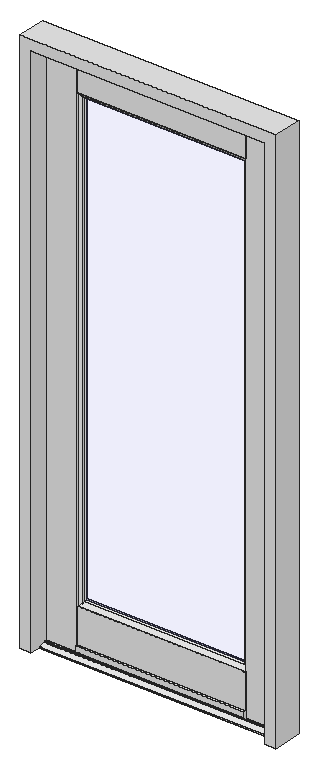
Revit family "kawneer-500_widestile-sgl-frt-03_17323", category Doors, host Wall, Revit 2015
Parameters (values of type "3' x 7' B.R. 6 1/2"")
  Stile Wide = 0' - 5"
  URL = "http://www.kawneer.com/kawneer/north_america/en/product.asp?cat_id=1339&prod_id=1816"
  Type Comments = "OFFSET PIVOT / BUTT HUNG"
  Thickness = 0' - 1 3/4"
  Rough Width = Width + 0' 4"  # 3' - 4"
  Rough Height = Height + 0' 2"  # 7' - 2"
  Product data url = "https://bimobject.com/kawneerna/product/17196"
  Operation = ""
  Model = "Single 500 Wide Stile Door Front Set B.R. 6 1/2\""
  Manufacturer = "Kawneer"
  Height = 7' - 0"
  Wall Closure = By host
  Width = 3' - 0"
  Function = Interior
  Door Panel = Kawneer - Fluropon_Bone White-391X035
  Door Glazing = Glass
  Door Frame = Kawneer - Fluropon_Bone White-391X035
  Description = "The \"500\" wide stile entrance door features dual-moment corner construction, and it creates a monumental visual appearance for banks, libraries or buildings experiencing the heaviest traffic conditions."
  Bottom Rail Height = 0' - 6 1/2"
  Assembly Code = "B2030110"
Types (2): name | Operation | Model | Description | Bottom Rail Height
  3' x 7' B.R. 6 1/2" | "" | "Single 500 Wide Stile Door Front Set B.R. 6 1/2\"" | "The \"500\" wide stile entrance door features dual-moment corner construction, and it creates a monumental visual appearance for banks, libraries or buildings experiencing the heaviest traffic conditions." | 0' - 6 1/2"
  3' x 7' B.R. 7 1/2" | "OFFSET PIVOT / BUTT HUNG" | "Single 500 Wide Stile Door Front Set B.R. 7 1/2\"" | "The \"500\" wide stile entrance door features dual-moment corner construction, and it creates a monumental visual appearance for banks, libraries or buildings experiencing the heaviest traffic conditions.\r\neered for moderate traffic in applications such as stores, offices and apartment buildings. Vertical stile measures 2-1/8\" (54); top rail 2-1/4\" (57.2) and bottom rail 3-7/8\" (98.4).  " | 0' - 7 1/2"
Reference planes (in)
  plane 1: y = 0
  plane 2 "Center": x = 0
  plane 3 "Left": x = -18
  plane 4 "Right": x = 18
  plane 5 "Top": z = 84
  plane 6 "Glass center": y = 0.125
  plane 7: z = 7.1875
  plane 8: z = 0.6875
  plane 9: y = 2.15625
Forms (in)
  Sweep 1, solid, material "Kawneer - Fluropon_Bone White-391X035" <- "Door Frame"
    path origin (-60, 3, 0) x (-1, 0, 0) y (0, 0, 1)
      loop
        line (-78, 0) -> (-78, 84) -> (-42, 84) -> (-42, 0)
    profile origin (0, 0, 42) x (1, 0, 0) y (0, 1, 0)
      loop
        line (20, 2.25) -> (18.25, 2.25) -> (18.25, -2.25) -> (20, -2.25) -> (20, 2.25)
  Extrusion 2, solid, material "Glass" <- "Door Glazing"
    sketch origin (0, 0.125, 0) x (1, 0, 0) y (0, 0, 1)
      loop
        line (13.125, 7.375) -> (13.125, 78.8125) -> (-12.96875, 78.8125) -> (-12.96875, 7.375) -> (13.125, 7.375)
    from -1.28125 to -1.03125
  Extrusion 3, solid, material "Kawneer - Fluropon_Bone White-391X035" <- "Door Panel"
    sketch origin (0, -0.21875, 0) x (1, 0, 0) y (0, 1, 0)
      loop
        line (18.15625, 2.375) -> (13.15625, 2.375) -> (13.15625, 2.31012) -> (12.62625, 1.8705) -> (12.62625, 1.77617) -> (12.49256, 1.625) -> (13.125, 1.625) -> (13.125, 1.375) -> (12.49369, 1.375) -> (12.62625, 1.22377) -> (12.62625, 1.1295) -> (13.15625, 0.75) -> (13.15625, 0.625) -> (17.87752, 0.625)
        arc (17.87752, 0.625) -> (18.01034, 0.68002) -> (18.06535, 0.81283) r 0.18783
        line (18.06535, 0.81283) -> (18.15625, 2.375)
    from 0.6875 to 84
  Extrusion 4, solid, material "Kawneer - Fluropon_Bone White-391X035" <- "Door Panel"
    sketch origin (0, -0.21875, 0) x (-1, 0, 0) y (0, -1, 0)
      loop
        line (18.15625, -2.375) -> (18.06535, -0.81283)
        arc (18.06535, -0.81283) -> (18.01034, -0.68002) -> (17.87752, -0.625) r 0.18783
        line (17.87752, -0.625) -> (13.15625, -0.625) -> (13.15625, -0.68988) -> (12.62625, -1.1295) -> (12.62625, -1.22377) -> (12.49369, -1.375) -> (12.96875, -1.375) -> (12.96875, -1.625) -> (12.49256, -1.625) -> (12.62625, -1.77617) -> (12.62625, -1.8705) -> (13.15625, -2.31012) -> (13.15625, -2.375) -> (18.15625, -2.375)
    from 0.6875 to 84
  Extrusion 5, solid, material "Kawneer - Fluropon_Bone White-391X035" <- "Door Panel"
    sketch origin (0, 1.15625, 0) x (0, 1, 0) y (0, 0, 1)
      loop
        line (-0.75, 84) -> (-0.75, 79) -> (-0.68484, 79) -> (-0.24521, 78.47) -> (-0.15138, 78.47) -> (0, 78.33731) -> (0, 78.8125) -> (0.24999, 78.8125) -> (0.24999, 78.32482) -> (0.40117, 78.47) -> (0.49715, 78.47) -> (0.93677, 79) -> (1, 79) -> (1, 84) -> (0.888, 84) -> (0.888, 83.25) -> (-0.612, 83.25) -> (-0.612, 84) -> (-0.75, 84)
    from -13.15625 to 13.15625
  Extrusion 6, solid, material "Kawneer - Fluropon_Bone White-391X035" <- "Door Panel"
    sketch origin (0, -0.34375, 0.15278) x (0, 1, 0) y (0, 0, 1)
      loop
        line (2.5, 0.53472) -> (2.5, 7.03472) -> (2.43512, 7.03472) -> (2.0085, 7.56703) -> (1.94736, 7.56703)
        arc (1.94736, 7.56703) -> (1.82437, 7.6428) -> (1.75, 7.76663) r 0.30526
        line (1.75, 7.76663) -> (1.75, 7.22222) -> (1.5, 7.22222) -> (1.5, 7.76663)
        arc (1.5, 7.76663) -> (1.42562, 7.6428) -> (1.30264, 7.56703) r 0.30526
        line (1.30264, 7.56703) -> (1.2675, 7.56703) -> (0.82596, 7.03472) -> (0.75, 7.03472) -> (0.75, 1.5921) -> (0.51155, 1.52781) -> (0.51155, 0.64322) -> (0.59155, 0.64322) -> (0.71055, 0.41022)
        arc (0.71055, 0.41022) -> (0.74752, 0.3939) -> (0.76384, 0.43087) r 0.02858
        line (0.76384, 0.43087) -> (0.68155, 0.64322) -> (0.75, 0.64322) -> (0.75, 0.53472) -> (0.888, 0.53472) -> (0.888, 1.25347) -> (2.388, 1.25347) -> (2.388, 0.53472) -> (2.5, 0.53472)
      loop
        line (0.901, 1.37847) -> (2.375, 1.37847) -> (2.375, 6.53572)
        arc (2.375, 6.53572) -> (2.25594, 6.55359) -> (2.201, 6.66072) r 0.1319
        line (2.201, 6.66072) -> (2.201, 6.84722) -> (1.075, 6.84722) -> (1.075, 6.66072)
        arc (1.075, 6.66072) -> (1.02006, 6.55359) -> (0.901, 6.53572) r 0.1319
        line (0.901, 6.53572) -> (0.901, 1.37847)
    from -13.15625 to 13.15625
  Extrusion 7, solid, material "Kawneer - Fluropon_Bone White-391X035" <- "Door Frame"
    sketch origin (0, -0.34375, 0) x (0, 1, 0) y (0, 0, 1)
      loop
        line (2.40824, 0.342) -> (2.82032, 0.342) -> (3.31016, 0.1166)
        arc (3.31016, 0.1166) -> (3.33645, 0.09372) -> (3.34624, 0.06027) r 0.062
        line (3.34624, 0.06027) -> (3.34624, 0) -> (3.62824, 0) -> (3.62824, 0.10205)
        arc (3.62824, 0.10205) -> (3.62318, 0.11931) -> (3.60962, 0.13112) r 0.032
        line (3.60962, 0.13112) -> (2.80798, 0.5) -> (2.67111, 0.5)
        arc (2.67111, 0.5) -> (2.63911, 0.468) -> (2.60711, 0.5) r 0.032
        line (2.60711, 0.5) -> (2.45311, 0.5)
        arc (2.45311, 0.5) -> (2.42111, 0.468) -> (2.38911, 0.5) r 0.032
        line (2.38911, 0.5) -> (2.25324, 0.5) -> (2.25324, 0.45) -> (1.00324, 0.45) -> (1.00324, 0.5) -> (0.86737, 0.5)
        arc (0.86737, 0.5) -> (0.83537, 0.468) -> (0.80337, 0.5) r 0.032
        line (0.80337, 0.5) -> (0.64937, 0.5)
        arc (0.64937, 0.5) -> (0.61737, 0.468) -> (0.58537, 0.5) r 0.032
        line (0.58537, 0.5) -> (0.4485, 0.5) -> (-0.35314, 0.13112)
        arc (-0.35314, 0.13112) -> (-0.36671, 0.11931) -> (-0.37176, 0.10205) r 0.032
        line (-0.37176, 0.10205) -> (-0.37176, 0) -> (-0.08976, 0) -> (-0.08976, 0.06027)
        arc (-0.08976, 0.06027) -> (-0.07997, 0.09372) -> (-0.05368, 0.1166) r 0.062
        line (-0.05368, 0.1166) -> (0.43616, 0.342) -> (0.84724, 0.342) -> (0.84724, 0.28492) -> (2.40824, 0.28492) -> (2.40824, 0.342)
    from -18.25 to 18.25
Lines and regions (in)
  Opening 1
    outline origin (-90, -3, 0) x (1, 0, 0) y (0, 0, 1)
      loop
        line (70, 0) -> (110, 0) -> (110, 86) -> (70, 86) -> (70, 0)
  symbolic lines, style "Elevation Swing"
    curve 1: line (18, 3, 0) -> (-18, 3, 42)
    curve 2: line (-18, 3, 42) -> (18, 3, 84)
  symbolic lines
    curve 3: line (-18, 1, 0) -> (-16.25, 1, 0)
    curve 4: line (-18, 38.25, 0) -> (-18, 1, 0)
    curve 5: line (-16.25, 38.25, 0) -> (-18, 38.25, 0)
    curve 6: line (-16.25, 1, 0) -> (-16.25, 38.25, 0)
    curve 7: arc (-18, 38.25, 0) -> (7.45584, 27.70584, 0) -> (18, 2.25, 0) r 36
Text (in)
  text "Exterior" at (-58.67754, 27.31104, 0), in view "Floor Line"
  text "Interior" at (-58.34764, -25.14366, 0), in view "Floor Line"
  text "Exterior" at (0, 40.15149, 123.01588), in view "Right"
  text "Interior" at (0, -64.39139, 123.01588), in view "Right"
  text "Interior" at (0, -31.01599, 123.00693), in view "Left"
  text "Exterior" at (0, 54.57065, 123.00693), in view "Left"
Dimensions and locks (in)
  equal spacing: plane 3 "Left", plane 2 "Center", plane 4 "Right"
  "Height": level to plane 5 "Top"
  "Width": plane 3 "Left" to plane 4 "Right"
  equal spacing: host wall, curve 2, plane 5 "Top"
  locked: plane 4 "Right" to Opening 1 sketch curve at 2
  locked: Opening 1 sketch curve to plane 3 "Left" at 2
  locked: plane 5 "Top" to Opening 1 sketch curve at 2
  locked: Sweep 1 sketch curve to Sweep 1 sketch curve at 4.5
  locked: profile plane to Sweep 1 sketch curve at 2
  "Width": curve 5 to Sweep 1
  "Thickness": plane 3 "Left" to curve 6
  locked: Sweep 1 to Sweep 1 at 1.75  (x2)
  "Stile Wide": Extrusion 5 sketch curve to plane 5 "Top"
  locked: plane 8 to level at 0.6875
  "Bottom Rail Height": plane 7 to plane 8
  locked: Extrusion 5 sketch curve to Extrusion 5 sketch curve at 1.75
  Extrusion 5 to host wall = 0' - 0 27/32"
  equal spacing: Sweep 1 sketch curve, host wall, Sweep 1 sketch curve
  equal spacing: Extrusion 3 sketch curve, Extrusion 3 sketch curve, plane 4 "Right"
  "Stile Wide": Extrusion 4 sketch curve to Extrusion 4 sketch curve
  "Stile Wide": Extrusion 3 sketch curve to Extrusion 3 sketch curve
  locked: Sweep 1 to Extrusion 4 sketch curve at 0.09375
  locked: Extrusion 3 sketch curve to Sweep 1 at 0.09375
  aligned and locked: Opening 1 sketch curve to level
  aligned and locked: plane 4 "Right" to curve 1
  aligned and locked: plane 3 "Left" to curve 1
  aligned and locked: plane 5 "Top" to curve 2
  aligned and locked: Extrusion 2 to Extrusion 4  (x3)
  aligned and locked: plane 4 "Right" to Sweep 1 sketch curve
  aligned and locked: Sweep 1 sketch curve to plane 3 "Left"
  aligned and locked: plane 5 "Top" to Sweep 1 sketch curve
  aligned and locked: Extrusion 5 sketch curve to Extrusion 5 sketch curve
  aligned and locked: plane 7 to Extrusion 6 sketch curve  (x2)
  aligned and locked: Extrusion 2 to Extrusion 6
  aligned and locked: Extrusion 5 to Extrusion 3
  aligned and locked: Extrusion 5 to Extrusion 4
  aligned and locked: Extrusion 5 to plane 5 "Top"  (x2)
  aligned and locked: Extrusion 6 to Extrusion 3
  aligned and locked: Extrusion 3 sketch curve to Extrusion 3 sketch curve
  aligned and locked: Extrusion 3 to plane 5 "Top"
  aligned and locked: Extrusion 4 to plane 5 "Top"
  aligned and locked: Extrusion 2 to Extrusion 3
  aligned and locked: Extrusion 6 to Extrusion 4
  aligned and locked: Extrusion 2 to Extrusion 5
Automatic sketch dimensions
  curve 3 to plane 3 "Left" = 0' - 0"
  curve 7 to plane 4 "Right" = 0' - 0"
  curve 1 to level = 0' - 0"
  curve 2 to plane 4 "Right" = 0' - 0"
  plane 6 "Glass center" to Extrusion 4 sketch curve = 0' - 1 9/32"
  Extrusion 4 sketch curve to Extrusion 4 sketch curve = 0' - 0.00113"
  plane 6 "Glass center" to Extrusion 4 sketch curve = 0' - 1.43242"
  Extrusion 4 sketch curve to Extrusion 4 sketch curve = 0' - 0.13369"
  plane 6 "Glass center" to Extrusion 4 sketch curve = 0' - 0.88002"
  Extrusion 4 sketch curve to Extrusion 4 sketch curve = 0' - 0.13256"
  Extrusion 4 sketch curve to Extrusion 4 sketch curve = 0' - 0.3425"
  plane 6 "Glass center" to Extrusion 4 sketch curve = 0' - 1.96637"
  host wall to Extrusion 4 sketch curve = 0' - 0.47113"
  plane 3 "Left" to Extrusion 4 sketch curve = 0' - 0.12248"
  Extrusion 4 sketch curve to plane 3 "Left" = 0' - 0.06535"
  Extrusion 4 sketch curve to Extrusion 4 sketch curve = 0' - 0.06488"
  Extrusion 4 sketch curve to Extrusion 4 sketch curve = 0' - 0.09427"
  Extrusion 4 sketch curve to Extrusion 4 sketch curve = 0' - 0.15123"
  Extrusion 4 sketch curve to Extrusion 4 sketch curve = 0' - 0.09433"
  host wall to Extrusion 4 sketch curve = 0' - 0 27/32"
  Extrusion 2 sketch curve to plane 3 "Left" = 0' - 5 1/32"
  curve 3 to host wall = 0' - 2"
  plane 4 "Right" to Extrusion 2 sketch curve = 0' - 4 7/8"
  level to Extrusion 2 sketch curve = 0' - 7 3/8"
  plane 5 "Top" to Extrusion 2 sketch curve = 0' - 5 3/16"
  Extrusion 5 sketch curve to plane 6 "Glass center" = 0' - 1 9/32"
  Extrusion 5 sketch curve to plane 6 "Glass center" = 0' - 1 1/32"
  Extrusion 5 sketch curve to Extrusion 5 sketch curve = 0' - 0.15138"
  Extrusion 5 sketch curve to Extrusion 5 sketch curve = 0' - 0.09383"
  Extrusion 5 sketch curve to Extrusion 5 sketch curve = 0' - 0.43962"
  Extrusion 5 sketch curve to Extrusion 5 sketch curve = 0' - 0.138"
  Extrusion 5 sketch curve to plane 6 "Glass center" = 0' - 1.43242"
  Extrusion 5 sketch curve to Extrusion 5 sketch curve = 0' - 0.09598"
  Extrusion 5 sketch curve to plane 5 "Top" = 0' - 0"  (x2)
  Extrusion 5 sketch curve to plane 6 "Glass center" = 0' - 1.91925"
  Extrusion 5 sketch curve to plane 6 "Glass center" = 0' - 1.96802"
  Extrusion 5 sketch curve to Extrusion 5 sketch curve = 0' - 0.112"
  Extrusion 5 sketch curve to Extrusion 5 sketch curve = 0' - 0 3/4"
  Extrusion 5 sketch curve to Extrusion 5 sketch curve = 0' - 0 3/16"
  Extrusion 5 sketch curve to Extrusion 5 sketch curve = 0' - 0.3425"  (x2)
  Extrusion 5 sketch curve to Extrusion 5 sketch curve = 0' - 0.13269"
  Extrusion 5 sketch curve to Extrusion 5 sketch curve = 0' - 0.14518"
  Extrusion 7 sketch curve to level = 0' - 0"  (x2)
  level to Extrusion 7 sketch curve = 0' - 0.10205"  (x2)
  host wall to Extrusion 7 sketch curve = 0' - 0.71551"
  level to Extrusion 7 sketch curve = 0' - 0.13112"
  Extrusion 7 sketch curve to Extrusion 7 sketch curve = 0' - 0.01862"
  level to Extrusion 7 sketch curve = 0' - 0.06027"
  host wall to Extrusion 7 sketch curve = 0' - 0.43351"
  level to Extrusion 7 sketch curve = 0' - 0.1166"
  Extrusion 7 sketch curve to Extrusion 7 sketch curve = 0' - 0.03608"
  Extrusion 7 sketch curve to host wall = 0' - 0.09241"
  Extrusion 7 sketch curve to Extrusion 7 sketch curve = 0' - 0.01233"  (x2)
  Extrusion 7 sketch curve to Extrusion 7 sketch curve = 0' - 0.13687"  (x2)
  Extrusion 7 sketch curve to Extrusion 7 sketch curve = 0' - 0.032"  (x5)
  Extrusion 7 sketch curve to Extrusion 7 sketch curve = 0' - 0.154"  (x2)
  Extrusion 7 sketch curve to Extrusion 7 sketch curve = 0' - 0.01187"
  Extrusion 7 sketch curve to Extrusion 7 sketch curve = 0' - 0.13587"  (x2)
  Extrusion 7 sketch curve to plane 6 "Glass center" = 0' - 1.78449"
  Extrusion 7 sketch curve to Extrusion 7 sketch curve = 0' - 0.01913"
  Extrusion 7 sketch curve to host wall = 0' - 0.05951"
  Extrusion 7 sketch curve to Extrusion 7 sketch curve = 0' - 0.02592"
  Extrusion 7 sketch curve to Extrusion 7 sketch curve = 0' - 0.062"
  Extrusion 7 sketch curve to Extrusion 7 sketch curve = 0' - 0 1/4"
  Extrusion 7 sketch curve to Extrusion 7 sketch curve = 0' - 0.01338"
  Extrusion 7 sketch curve to Extrusion 7 sketch curve = 0' - 0.06027"
  level to Extrusion 7 sketch curve = 0' - 0.28492"
  level to Extrusion 7 sketch curve = 0' - 0.342"
  Extrusion 7 sketch curve to Extrusion 7 sketch curve = 0' - 0.05708"
  Extrusion 7 sketch curve to Extrusion 7 sketch curve = 0' - 0.108"
  Extrusion 7 sketch curve to Extrusion 7 sketch curve = 0' - 0.158"
  Extrusion 7 sketch curve to Extrusion 7 sketch curve = 0' - 0.05"
  Sweep 1 sketch curve to level = 0' - 0"  (x2)
  Extrusion 6 sketch curve to plane 6 "Glass center" = 0' - 1 9/32"
  Extrusion 6 sketch curve to plane 6 "Glass center" = 0' - 1 1/32"
  Extrusion 6 sketch curve to Extrusion 6 sketch curve = 0' - 0.19736"
  Extrusion 6 sketch curve to Extrusion 6 sketch curve = 0' - 0 9/256"
  Extrusion 6 sketch curve to Extrusion 6 sketch curve = 0' - 0.05894"
  Extrusion 6 sketch curve to plane 7 = 0' - 0 3/16"
  Extrusion 6 sketch curve to Extrusion 6 sketch curve = 0' - 0.425"
  Extrusion 6 sketch curve to Extrusion 6 sketch curve = 0' - 0.1319"  (x2)
  Extrusion 6 sketch curve to Extrusion 6 sketch curve = 0' - 0.0421"  (x2)
  Extrusion 6 sketch curve to Extrusion 6 sketch curve = 0' - 0.013"
  Extrusion 6 sketch curve to Extrusion 6 sketch curve = 0' - 0.24904"
  Extrusion 6 sketch curve to Extrusion 6 sketch curve = 0' - 0.12416"
  Extrusion 6 sketch curve to Extrusion 6 sketch curve = 0' - 0.01384"
  Extrusion 6 sketch curve to Extrusion 6 sketch curve = 0' - 0.07596"
  Extrusion 6 sketch curve to Extrusion 6 sketch curve = 0' - 0.02665"  (x2)
  Extrusion 6 sketch curve to Extrusion 6 sketch curve = 0' - 0.06845"
  Extrusion 6 sketch curve to Extrusion 6 sketch curve = 0' - 0.09"
  Extrusion 6 sketch curve to Extrusion 6 sketch curve = 0' - 0.23845"
  Extrusion 6 sketch curve to plane 6 "Glass center" = 0' - 1.47861"
  Extrusion 6 sketch curve to Extrusion 6 sketch curve = 0' - 0.06114"
  Extrusion 6 sketch curve to plane 6 "Glass center" = 0' - 1.57269"
  Extrusion 6 sketch curve to plane 6 "Glass center" = 0' - 1.73225"
  Extrusion 6 sketch curve to plane 6 "Glass center" = 0' - 1.91925"
  Extrusion 6 sketch curve to Extrusion 6 sketch curve = 0' - 0.23412"
  Extrusion 6 sketch curve to Extrusion 6 sketch curve = 0' - 0.06488"
  Extrusion 6 sketch curve to Extrusion 6 sketch curve = 0' - 0.1865"  (x2)
  level to Extrusion 6 sketch curve = 0' - 1.74489"
  Extrusion 6 sketch curve to Extrusion 6 sketch curve = 0' - 0.06429"
  Extrusion 6 sketch curve to Extrusion 6 sketch curve = 0' - 0.21364"
  Extrusion 6 sketch curve to Extrusion 6 sketch curve = 0' - 0 1/8"
  Extrusion 6 sketch curve to Extrusion 6 sketch curve = 0' - 0.61025"
  Extrusion 6 sketch curve to Extrusion 6 sketch curve = 0' - 0"  (x2)
  Extrusion 6 sketch curve to Extrusion 6 sketch curve = 0' - 0.1085"
  level to Extrusion 6 sketch curve = 0' - 0 11/16"
  Extrusion 6 sketch curve to Extrusion 6 sketch curve = 0' - 0.10384"
  Extrusion 6 sketch curve to Extrusion 6 sketch curve = 0' - 0.01033"
  plane 7 to Extrusion 6 sketch curve = 0' - 0 3/16"
  Extrusion 6 sketch curve to Extrusion 6 sketch curve = 0' - 0.34482"  (x2)
  Extrusion 6 sketch curve to Extrusion 6 sketch curve = 0' - 0.1996"
  Sweep 1 sketch curve to profile plane = 0' - 0 1/4"
  Extrusion 3 sketch curve to plane 6 "Glass center" = 0' - 1 9/32"
  Extrusion 3 sketch curve to plane 6 "Glass center" = 0' - 1 1/32"
  Extrusion 3 sketch curve to Extrusion 3 sketch curve = 0' - 0.00113"
  Extrusion 3 sketch curve to plane 6 "Glass center" = 0' - 0.78575"
  Extrusion 3 sketch curve to Extrusion 3 sketch curve = 0' - 0.13256"
  Extrusion 3 sketch curve to Extrusion 3 sketch curve = 0' - 0.13369"
  Extrusion 3 sketch curve to Extrusion 3 sketch curve = 0' - 0.49875"
  Extrusion 3 sketch curve to host wall = 0' - 0 17/32"
  plane 4 "Right" to Extrusion 3 sketch curve = 0' - 0.12248"
  Extrusion 3 sketch curve to plane 4 "Right" = 0' - 0.06535"
  Extrusion 3 sketch curve to host wall = 0' - 0 13/32"
  Extrusion 3 sketch curve to Extrusion 3 sketch curve = 0' - 0.09427"
  Extrusion 3 sketch curve to plane 6 "Glass center" = 0' - 1.43242"
  Extrusion 3 sketch curve to Extrusion 3 sketch curve = 0' - 0.09433"
  Extrusion 3 sketch curve to plane 6 "Glass center" = 0' - 1.96637"
  Extrusion 3 sketch curve to Extrusion 3 sketch curve = 0' - 0.06488"
  Extrusion 5 sketch curve to Extrusion 5 sketch curve = 0' - 0"
  Extrusion 4 sketch curve to Extrusion 4 sketch curve = 0' - 0 3/16"
  Extrusion 4 sketch curve to Extrusion 4 sketch curve = 0' - 0.53"
  Extrusion 3 sketch curve to Extrusion 3 sketch curve = 0' - 0 1/32"
